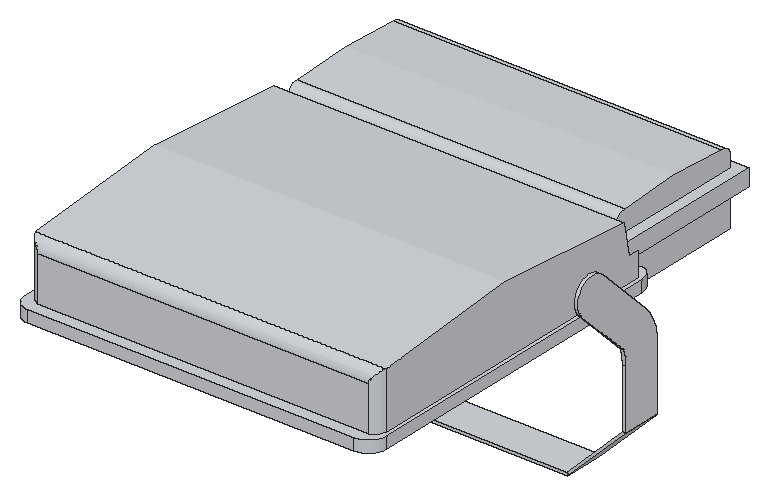
Revit family "O93 LED 100000 DALI 740 ASY_Unhosted", category Lighting Fixtures, Revit 2016
Family settings
  Part Type = Normal
  Round Connector Dimension = Use Diameter
  OmniClass Number = 23.80.70.00
  OmniClass Title = Lighting
  Work Plane-Based = No
  Always vertical = Yes
  Cut with Voids When Loaded = No
  Light Source = Yes
  Shared = No
  Room Calculation Point = No
Parameters
  Wiring Accessories = ""
  VoltageMax = 240 V
  UpdateDate = "16.10.2020 07:02:09"
  URL UK = "http://glamox.com/uk/products/O93/items/514084500"
  URL Sweden = "http://glamox.com/se/produkter/O93/items/514084500"
  URL Russia = "http://glamox.com/ru/products/O93/items/514084500"
  URL Other = "http://glamox.com/gsx/products/O93/items/514084500"
  URL Norway = "http://glamox.com/no/produkter/O93/items/514084500"
  URL Ireland = "http://glamox.com/ie/products/O93/items/514084500"
  URL Germany = "http://glamox.com/de/products/O93/items/514084500"
  URL Finland = "http://glamox.com/fi/products/O93/items/514084500"
  URL Estonia = "http://glamox.com/ee/products/O93/items/514084500"
  URL Denmark = "http://glamox.com/dk/produkter/O93/items/514084500"
  TypeOfEmergency = ""
  TypeOfBallast = "DALI"
  TotalWattage = 720 W
  Termination = "5x6 SC"
  Specification = "Outdoor product, in Aluminium, for Wall/Facade/Pole mounting, impact classification IK8, IP66, light source LED, lumen out 98000lm, ballast type DALI, with light source type CRI>70, 4000K, optic type Asymetric."
  Remark = ""
  RatedVoltage = 220 V
  PowerFactor = 98.00%
  Plug Type = ""
  NominalFrequencyRange = 50 Hz
  ModelReference = "O93"
  ModelLabel = "O93 LED 100000 DALI 740 ASY"
  Maximum TA = 35
  MaintenanceFactor = 0
  LumWidth = 565 mm
  LumLength = 630 mm
  Wattage Comments = ""
  Wattage = 720 W
  LightFixturePlacingType = "OTHER"
  LightFixtureMountingType = "OTHER"
  Length = 888 mm
  built-in parameter 1150110 = 1 (stored number, unit not read)
  Voltage = 220 V
  URL = ""
  Total Load = 720 W
  built-in parameter 1114217 = 1 (stored number, unit not read)
  Tilt Angle = 90.00°
  built-in parameter 1150109 = 1 (stored number, unit not read)
  built-in parameter 1150134 = (empty or 0)
  built-in parameter 1150113 = 1 (stored number, unit not read)
  Power Factor = 0.98
  Optic = "ASY"
  MFArtNo = "514084500"
  LampBase = ""
  Lamp Wattage Comments = ""
  IP_Code = "66"
  IPClass = "66"
  IK_Code = ""
  IFC Classification = "Light Fixture"
  Height2 = Height * 0.1  # 46 mm
  Photometric Web File = "O93-LED-100000-DALI-740-ASY.ies"
  Height = 460 mm
  Number of Poles = 1
  Load Classification [instance] = Lighting
  Model = ""
  Manufacturer = "Glamox"
  Lumens = 98000 lm
  built-in parameter 1150115 = 1 (stored number, unit not read)
  built-in parameter 1150105 = 1756.7 (stored number, unit not read)
  built-in parameter 1150137 = (empty or 0)
  built-in parameter 1150139 = (empty or 0)
  built-in parameter 1150112 = 1 (stored number, unit not read)
  built-in parameter 1150114 = 1 (stored number, unit not read)
  Lamp = "LED"
  built-in parameter 1150132 = 2
  built-in parameter 1150102 = (empty or 0)
  built-in parameter 1150138 = (empty or 0)
  built-in parameter 1150107 = 3000 (stored number, unit not read)
  built-in parameter 1150106 = 17.567 (stored number, unit not read)
  GlobalTradeItemNumber = "8019455845007"
  Glamox Mounting = "Wall"
  Glamox Family = "O93"
  Glamox Category = "Outdoor"
  FrequencyMax = 60 Hz
  Frequency = 50 Hz
  Expired = "0"
  Emit from Rectangle Width = LumWidth  # 565 mm
  Emit from Rectangle Length = LumLength  # 630 mm
  Emit Shape Visible in Rendering = yes
  built-in parameter 1150104 = 12.645 (stored number, unit not read)
  ELNo Norway = ""
  ELNo Finland = ""
  EANNo = "8019455845007"
  DurationInBatteryMode = ""
  Dimming Lamp Color Temperature Shift = Incandescent Lamp Curve
  Description = "O93 LED 100000 DALI 740 ASY"
  Width = 696 mm
  Cut Out = ""
  Completion = ""
  Color Filter = 16777215
  Body Material and Colour = Default
  built-in parameter 1114218 = 1 (stored number, unit not read)
  built-in parameter 1150133 = 10 (stored number, unit not read)
  Assembly Code = ""
  ArticleNumber = "514084500"
  Apparent Load = Total Load / Power Factor  # 734.694 VA
  #Ballast = 3
Reference planes
  plane 1 "Light Source Axis (F/B)": y = 118.827
  plane 2: z = 0
  plane 3 "Light Source Axis (L/R)": x = 0
  plane 4 "Light Source Elevation": x = 0
Forms (mm)
  Extrusion 1, solid
    sketch origin (0, 289.227, -9.154) x (0, 1, 0) y (0, 0, -1)
      loop
        line (59.111, -398.147) -> (154.571, -302.687)
        arc (154.571, -302.687) -> (176.652, -267.979) -> (181.945, -227.184) r 94.765
        line (181.945, -227.184) -> (181.945, -116.421) -> (110.822, -116.421) -> (110.822, -227.184)
        arc (110.822, -227.184) -> (109.72, -241.045) -> (106.442, -254.558) r 87.732
        line (106.442, -254.558) -> (10.982, -350.018)
        arc (10.982, -350.018) -> (10.982, -398.147) -> (59.111, -398.147) r 34.032
    from -341.044 to -334.755
  Extrusion 2, solid
    sketch origin (0, 516.172, 332.31) x (0, -1, 0) y (1, 0, 0)
      loop
        arc (682, 295.871) -> (672.086, 319.805) -> (648.152, 329.719) r 33.848
        line (648.152, 329.719) -> (65.735, 329.719)
        arc (65.735, 329.719) -> (44.002, 320.717) -> (35, 298.984) r 30.735
        line (35, 298.984) -> (35, -303.944)
        arc (35, -303.944) -> (42.322, -321.622) -> (60, -328.944) r 25
        line (60, -328.944) -> (652.735, -328.944)
        arc (652.735, -328.944) -> (673.428, -320.372) -> (682, -299.679) r 29.265
        line (682, -299.679) -> (682, 295.871)
    from -20.777 to 0.152
  Extrusion 3, solid
    sketch origin (0, 516.172, 311.685) x (0, 0, 1) y (0, -1, 0)
      loop
        line (102.203, 658.792) -> (20.777, 658.792) -> (20.777, 65.735) -> (65.777, 65.735) -> (65.777, 85.735) -> (124.865, 96.154)
        arc (124.865, 96.154) -> (148.026, 368.654) -> (124.865, 641.154) r 1614.664
        arc (124.865, 641.154) -> (116.954, 654.367) -> (102.203, 658.792) r 21.298
    from -317.906 to 322.094
  Extrusion 4, void
    sketch origin (0, 516.172, 459.185) x (0, -1, 0) y (1, 0, 0)
      loop
        arc (636.744, 322.65) -> (650.938, 316.545) -> (659.234, 303.508) r 26.233
        line (659.234, 303.508) -> (659.234, 322.65) -> (636.744, 322.65)
    from -126.723 to -20.777
  Extrusion 5, void
    sketch origin (4.375, 516.172, 460.435) x (0, 1, 0) y (-1, 0, 0)
      loop
        line (-637.846, 322.65) -> (-659.234, 322.65) -> (-659.234, 302.336)
        arc (-659.234, 302.336) -> (-651.666, 315.784) -> (-637.846, 322.65) r 26.233
    from -128.125 to -20.777
  Extrusion 6, void
    sketch origin (0, 516.172, 311.685) x (0, 0, 1) y (0, -1, 0)
      loop
        line (-0.152, 652) -> (-0.152, 66.78) -> (5, 66.78) -> (5, 652) -> (-0.152, 652)
    from -317.291 to 312.354
  Extrusion 7, solid
    sketch origin (0, 163.303, 0.214) x (1, 0, 0) y (0, 1, 0)
      loop
        line (-317.291, 540.327) -> (-317.291, 264.425) -> (322.094, 264.425) -> (322.094, 540.327) -> (-317.291, 540.327)
    from 370.892 to 402.388
  Extrusion 8, solid
    sketch origin (0, 162.053, 0.214) x (0, 1, 0) y (0, 0, 1)
      loop
        line (525.675, 402.388) -> (525.675, 422.388)
        arc (525.675, 422.388) -> (520.21, 434.855) -> (507.339, 439.283) r 16.951
        arc (507.339, 439.283) -> (397.339, 446.087) -> (287.339, 439.283) r 892.575
        arc (287.339, 439.283) -> (272.383, 436.125) -> (265.675, 422.388) r 17.419
        line (265.675, 422.388) -> (265.675, 402.388) -> (525.675, 402.388)
    from -298.454 to 301.651
  Extrusion 9, solid
    sketch origin (0, 162.053, 0.214) x (0, 1, 0) y (0, 0, 1)
      loop
        line (275.531, 370.892) -> (275.531, 332.248) -> (319.119, 332.248) -> (319.119, 302.248) -> (524.119, 302.248) -> (524.119, 370.892) -> (275.531, 370.892)
    from -298.454 to 301.651
  Extrusion 10, solid
    sketch origin (0, 289.227, -9.154) x (0, 1, 0) y (0, 0, 1)
      loop
        arc (59.111, 398.147) -> (10.982, 398.147) -> (10.982, 350.018) r 34.032
        line (10.982, 350.018) -> (106.442, 254.558)
        arc (106.442, 254.558) -> (109.72, 241.045) -> (110.822, 227.184) r 87.732
        line (110.822, 227.184) -> (110.822, 116.421) -> (181.945, 116.421) -> (181.945, 227.184)
        arc (181.945, 227.184) -> (176.652, 267.979) -> (154.571, 302.687) r 94.765
        line (154.571, 302.687) -> (59.111, 398.147)
    from -341.127 to -334.755
  Extrusion 11, solid
    sketch origin (0, 162.053, 0.214) x (0, 1, 0) y (0, 0, 1)
      loop
        line (309.119, 0) -> (309.119, 5) -> (237.995, 5) -> (237.995, 0) -> (309.119, 0)
    from -234.384 to 234.297
  Extrusion 12, solid
    sketch origin (0, 162.053, 0.214) x (1, 0, 0) y (0, 0, 1)
      loop
        line (232.904, 5) -> (234.17, -0.021) -> (341.044, 106.852) -> (334.755, 106.852) -> (232.904, 5)
    from -309.119 to -237.995
  Extrusion 13, solid
    sketch origin (0, 162.053, 0.214) x (-1, 0, 0) y (0, 0, -1)
      loop
        line (232.904, -5) -> (334.755, -106.852) -> (341.044, -106.852) -> (234.17, 0.021) -> (232.904, -5)
    from -309.119 to -237.995
Cuts and joins
  Extrusion 4, Extrusion 5 cuts Extrusion 3
  Extrusion 6 cuts Extrusion 2
Lines and regions (mm)
  symbolic lines
    curve 1: circle (0, -17.756, 0) r 215 normal (0, 0, 1)
    curve 2: line (98.28, 76.075, 0) -> (151.178, 135.117, 0)
    curve 3: line (0, -17.756, 0) -> (-148.467, 137.751, 0)
    curve 4: line (0, -17.756, 0) -> (155.507, 130.711, 0)
    curve 5: line (0, -17.756, 0) -> (-143.467, -177.888, 0)
    curve 6: arc (335.356, 118.827, 0) -> (0, 370.147, 0) -> (-335.356, 118.827, 0) r 349.406
    curve 7: line (61.283, -263.621, 0) -> (61.283, -498.621, 0)
    curve 8: line (61.283, -498.621, 0) -> (78.961, -480.944, 0)
    curve 9: line (61.283, -498.621, 0) -> (47.141, -484.479, 0)
    curve 13: line (-68.717, -263.621, 0) -> (-68.717, -498.621, 0)
    curve 14: line (-68.717, -498.621, 0) -> (-51.039, -480.944, 0)
    curve 15: line (-68.717, -498.621, 0) -> (-82.859, -484.479, 0)
  symbolic lines, not visible
    curve 10: line (382.449, 180.11, 0) -> (617.449, 180.11, 0)
    curve 11: line (617.449, 180.11, 0) -> (599.771, 197.788, 0)
    curve 12: line (617.449, 180.11, 0) -> (603.307, 165.968, 0)
Dimensions and locks
  radius of curve 1 = 215 mm
